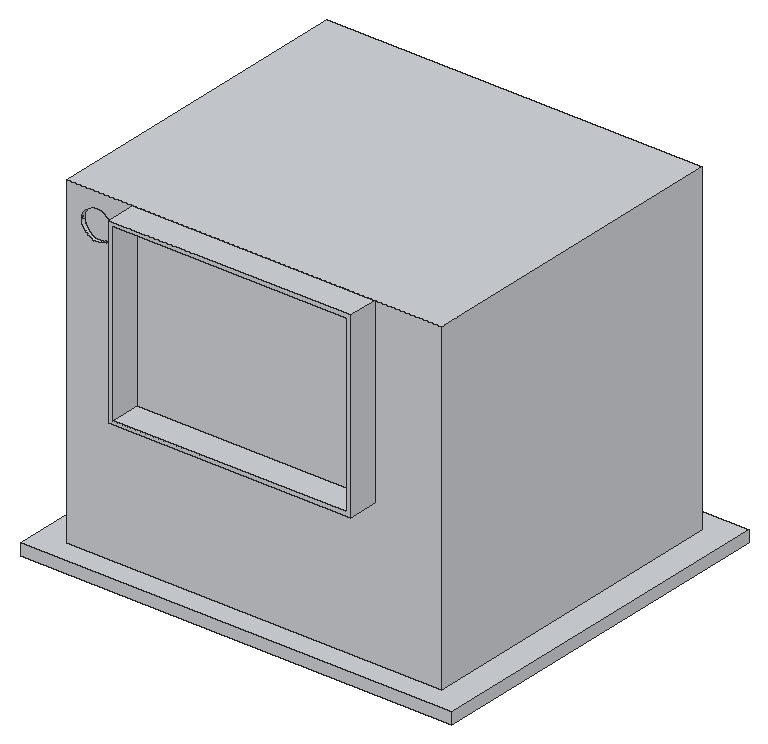
Revit family "GC-200-2000", category Mechanical Equipment, Revit 2019
Family settings
  Round Connector Dimension = Use Diameter
  Part Type = Normal
  Work Plane-Based = No
  Always vertical = Yes
  Cut with Voids When Loaded = No
  Shared = No
  Room Calculation Point = No
Parameters (values of type "GCVF-340_STEEL")
  W/2 = W / 2  # 5 3/8"
  W = 10 3/4"
  Unit Weight [instance] = ""
  Sones [instance] = ""
  Motor RPM [instance] = ""
  Motor Enclosure [instance] = ""
  ModelID [instance] = ""
  LwA [instance] = ""
  L/2 = L / 2  # 6 3/16"
  L = 12 3/8"
  K/2 = K / 2  # 6 1/8"
  H/2 = H / 2  # 5 3/8"
  H = 10 3/4"
  Fan RPM [instance] = ""
  K = 12 1/4"
  J/2 = J / 2  # 7 1/8"
  J = 14 1/4"
  B/2 = B / 2  # 3"
  B = 6"
  Accessories [instance] = ""
  A/2 = A / 2  # 4"
  A = 8"
  3" = 3"  # constant formula
  Brake Hp [instance] = ""
  4" = 4"  # constant formula
  2' = 24"
  2" = 2"  # constant formula
  1" = 1"  # constant formula
  0 = 0"  # constant formula
  Voltage [instance] = 0 V
  URL = "www.lorencook.com"
  Type Comments = "Ceiling and Wall Blower 200-2000 Series"  # constant formula
  Static Pressure [instance] = 0.00 in-wg
  Power [instance] = Voltage * Motor FLA * sqrt(if(Phase = 3, 3, 1))  # 0 VA
  Phase [instance] = 0
  Number of Poles [instance] = 1
  Motor Hp [instance] = "0"
  Motor FLA [instance] = 0 A
  Model = "GCVF"
  Manufacturer = "Loren Cook Company"
  CFM [instance] = 0 CFM
  1.5 = 1 1/2"  # constant formula
  ONE EIGTH = 1/8"  # constant formula
  (H/2)-(K/2) = (H / 2) - (K / 2)  # -3/4"
Types (31): name | W/2 | W | L/2 | L | K/2 | H/2 | H | K | J/2 | J | B/2 | B | A/2 | A | Model | (H/2)-(K/2)
  (no name) | 5 3/8" | 10 3/4" | 6 3/16" | 12 3/8" | 6 1/8" | 5 3/8" | 10 3/4" | 12 1/4" | 7 1/8" | 14 1/4" | 3" | 6" | 4" | 8" | "GCVF" | -3/4"
  GC-222/242_STEEL | 4 7/8" | 9 3/4" | 6 3/16" | 12 3/8" | 6 13/16" | 4 7/8" | 9 3/4" | 13 5/8" | 8 3/16" | 16 3/8" | 3" | 6" | 4" | 8" | "GC" | -1 15/16"
  GC-322/342_STEEL | 5 3/8" | 10 3/4" | 6 3/16" | 12 3/8" | 6 13/16" | 5 3/8" | 10 3/4" | 13 5/8" | 8 3/16" | 16 3/8" | 3" | 6" | 4" | 8" | "GC" | -1 7/16"
  GC-422_STEEL | 5 15/16" | 11 7/8" | 8 1/2" | 17" | 7 1/8" | 5 15/16" | 11 7/8" | 14 1/4" | 10 1/2" | 21" | 3" | 6" | 4" | 8" | "GC" | -1 3/16"
  GC-520_STEEL | 5 15/16" | 11 7/8" | 8 1/2" | 17" | 7 1/8" | 5 15/16" | 11 7/8" | 14 1/4" | 10 1/2" | 21" | 3" | 6" | 4" | 8" | "GC" | -1 3/16"
  GC-620/640_STEEL | 5 15/16" | 11 7/8" | 8 1/2" | 17" | 7 1/8" | 5 15/16" | 11 7/8" | 14 1/4" | 10 1/2" | 21" | 2 3/8" | 4 3/4" | 5 1/4" | 10 1/2" | "GC" | -1 3/16"
  GC-720/740_STEEL | 5 15/16" | 11 7/8" | 8 1/2" | 17" | 7 1/8" | 5 15/16" | 11 7/8" | 14 1/4" | 10 1/2" | 21" | 2 3/8" | 4 3/4" | 5 1/4" | 10 1/2" | "GC" | -1 3/16"
  GC-822/842/862_STEEL | 7 11/32" | 14 11/16" | 13 1/2" | 27" | 8 9/16" | 7 11/32" | 14 11/16" | 17 1/8" | 15 11/16" | 31 3/8" | 3" | 6" | 10" | 20" | "GC" | -1 7/32"
  GC-920/940/960_STEEL | 7 11/32" | 14 11/16" | 15 1/2" | 31" | 8 9/16" | 7 11/32" | 14 11/16" | 17 1/8" | 17 9/16" | 35 1/8" | 3" | 6" | 12 1/8" | 24 1/4" | "GC" | -1 7/32"
  GC-222/242_ALUMINUM | 4 7/8" | 9 3/4" | 6 3/16" | 12 3/8" | 5 5/8" | 4 7/8" | 9 3/4" | 11 1/4" | 7 1/8" | 14 1/4" | 3" | 6" | 4" | 8" | "GC" | -3/4"
  GC-322/342_ALUMINUM | 5 3/8" | 10 3/4" | 6 3/16" | 12 3/8" | 6 1/8" | 5 3/8" | 10 3/4" | 12 1/4" | 7 1/8" | 14 1/4" | 3" | 6" | 4" | 8" | "GC" | -3/4"
  GC-422_ALUMINUM | 5 15/16" | 11 7/8" | 8 1/2" | 17" | 6 7/8" | 5 15/16" | 11 7/8" | 13 3/4" | 9 3/8" | 18 3/4" | 3" | 6" | 4" | 8" | "GC" | -15/16"
  GC-522/524_ALUMINUM | 5 15/16" | 11 7/8" | 8 1/2" | 17" | 6 7/8" | 5 15/16" | 11 7/8" | 13 3/4" | 9 3/8" | 18 3/4" | 3" | 6" | 4" | 8" | "GC" | -15/16"
  GC-622/642_ALUMINUM | 5 15/16" | 11 7/8" | 8 1/2" | 17" | 6 7/8" | 5 15/16" | 11 7/8" | 13 3/4" | 9 3/8" | 18 3/4" | 2 3/8" | 4 3/4" | 5 1/4" | 10 1/2" | "GC" | -15/16"
  GC-720/740_ALUMINUM | 5 15/16" | 11 7/8" | 8 1/2" | 17" | 6 7/8" | 5 15/16" | 11 7/8" | 13 3/4" | 9 3/8" | 18 3/4" | 2 3/8" | 4 3/4" | 5 1/4" | 10 1/2" | "GC" | -15/16"
  GC-222/242_PLASTIC | 4 7/8" | 9 3/4" | 6 3/16" | 12 3/8" | 6 5/8" | 4 7/8" | 9 3/4" | 13 1/4" | 7 3/8" | 14 3/4" | 3" | 6" | 4" | 8" | "GC" | -1 3/4"
  GC-822/842/862_ALUMINUM | 7 11/32" | 14 11/16" | 13 1/2" | 27" | 8 1/8" | 7 11/32" | 14 11/16" | 16 1/4" | 14 3/8" | 28 3/4" | 3" | 6" | 10" | 20" | "GC" | -25/32"
  GC-920/940/960_ALUMINUM | 7 11/32" | 14 11/16" | 15 1/2" | 31" | 7 5/8" | 7 11/32" | 14 11/16" | 15 1/4" | 15 7/8" | 31 3/4" | 3" | 6" | 12 1/8" | 24 1/4" | "GC" | -9/32"
  GC-1000_ALUMINUM | 7 5/8" | 15 1/4" | 19 1/16" | 38 1/8" | 7 7/8" | 7 5/8" | 15 1/4" | 15 3/4" | 19 3/8" | 38 3/4" | 3 27/32" | 7 11/16" | 16 27/32" | 33 11/16" | "GC" | -1/4"
  GC-1000_STEEL | 7 5/8" | 15 1/4" | 19 1/16" | 38 1/8" | 8 9/16" | 7 5/8" | 15 1/4" | 17 1/8" | 21 3/16" | 42 3/8" | 3 27/32" | 7 11/16" | 16 27/32" | 33 11/16" | "GC" | -15/16"
  GC-2000_ALUMINUM | 8 5/16" | 16 5/8" | 22 23/32" | 45 7/16" | 8 5/8" | 8 5/16" | 16 5/8" | 17 1/4" | 22 7/8" | 45 3/4" | 4 13/16" | 9 5/8" | 20 9/16" | 41 1/8" | "GC" | -5/16"
  GC-2000_STEEL | 8 5/16" | 16 5/8" | 22 23/32" | 45 7/16" | 9 1/4" | 8 5/16" | 16 5/8" | 18 1/2" | 24 3/4" | 49 1/2" | 4 13/16" | 9 5/8" | 20 9/16" | 41 1/8" | "GC" | -15/16"
  GC-322/342_PLASTIC | 5 3/8" | 10 3/4" | 6 3/16" | 12 3/8" | 6 5/8" | 5 3/8" | 10 3/4" | 13 1/4" | 7 3/8" | 14 3/4" | 3" | 6" | 4" | 8" | "GC" | -1 1/4"
  GCVF-500_ALUMINUM | 5 15/16" | 11 7/8" | 8 1/2" | 17" | 6 7/8" | 5 15/16" | 11 7/8" | 13 3/4" | 9 3/8" | 18 3/4" | 3" | 6" | 4" | 8" | "GC-VF" | -15/16"
  GCVF-500_STEEL | 5 15/16" | 11 7/8" | 8 1/2" | 17" | 7 1/8" | 5 15/16" | 11 7/8" | 14 1/4" | 10 1/2" | 21" | 3" | 6" | 4" | 8" | "GC-VF" | -1 3/16"
  GCVF-700_ALUMINUM | 5 15/16" | 11 7/8" | 10 1/2" | 21" | 6 7/8" | 5 15/16" | 11 7/8" | 13 3/4" | 11 11/32" | 22 11/16" | 2 3/8" | 4 3/4" | 5 1/4" | 10 1/2" | "GC-VF" | -15/16"
  GCVF-700_STEEL | 5 15/16" | 11 7/8" | 10 1/2" | 21" | 7 1/8" | 5 15/16" | 11 7/8" | 14 1/4" | 12 1/2" | 25" | 2 3/8" | 4 3/4" | 5 1/4" | 10 1/2" | "GC-VF" | -1 3/16"
  GCVF-900_ALUMINUM | 7 11/32" | 14 11/16" | 15 1/2" | 31" | 8 1/8" | 7 11/32" | 14 11/16" | 16 1/4" | 16 3/8" | 32 3/4" | 3" | 6" | 12 1/8" | 24 1/4" | "GC-VF" | -25/32"
  GCVF-900_STEEL | 7 11/32" | 14 11/16" | 15 1/2" | 31" | 8 9/16" | 7 11/32" | 14 11/16" | 17 1/8" | 17 9/16" | 35 1/8" | 3" | 6" | 12 1/8" | 24 1/4" | "GC-VF" | -1 7/32"
  GCVF-300_ALUMINUM | 5 3/8" | 10 3/4" | 6 3/16" | 12 3/8" | 6 1/8" | 5 3/8" | 10 3/4" | 12 1/4" | 7 1/8" | 14 1/4" | 3" | 6" | 4" | 8" | "GCVF" | -3/4"
  GCVF-340_STEEL | 5 3/8" | 10 3/4" | 6 3/16" | 12 3/8" | 6 1/8" | 5 3/8" | 10 3/4" | 12 1/4" | 7 1/8" | 14 1/4" | 3" | 6" | 4" | 8" | "GCVF" | -3/4"
Reference planes (in)
  plane 1 "Center (Front/Back)": y = 0
  plane 2: z = 0
  plane 3 "Center (Left/Right)": x = 0.40541
Forms (in)
  Extrusion 1, solid
    sketch origin (0, 0, 0) x (1, 0, 0) y (0, 1, 0)
      loop
        line (-5.78209, 5.375) -> (-5.78209, -5.375) -> (6.59291, -5.375) -> (6.59291, 5.375) -> (-5.78209, 5.375)
    from 0 to 10.75 <- "H"
  Extrusion 2, solid
    sketch origin (6.59291, -5.375, 0) x (-1, 0, 0) y (0, 0, -1)
      loop
        line (10.1875, -4.75) -> (2.1875, -4.75) -> (2.1875, -10.75) -> (10.1875, -10.75) -> (10.1875, -4.75)
    from 0 to 1
  Extrusion 3, void
    sketch origin (6.59291, -6.375, 0) x (1, 0, 0) y (0, 0, -1)
      loop
        line (-10.0625, -10.625) -> (-2.3125, -10.625) -> (-2.3125, -4.875) -> (-10.0625, -4.875) -> (-10.0625, -10.625)
    from 0 to 1
  Extrusion 4, void
    sketch origin (6.59291, -5.375, 0) x (1, 0, 0) y (0, 0, -1)
      loop
        circle (-11.375, -9.75) r 0.5
    from 0 to 0.125
  Extrusion 5, solid
    sketch origin (0, 0, 0) x (1, 0, 0) y (0, 1, 0)
      loop
        line (-6.71959, 6.125) -> (-6.71959, -6.125) -> (7.53041, -6.125) -> (7.53041, 6.125) -> (-6.71959, 6.125)
    from 0 to -0.375
Cuts and joins
  Extrusion 3, Extrusion 4 cuts Extrusion 1
  Extrusion 3 cuts Extrusion 2
Dimensions and locks (in)
  "L/2": Extrusion 1 sketch curve to plane 3 "Center (Left/Right)"
  "L/2": plane 3 "Center (Left/Right)" to Extrusion 1 sketch curve
  "W/2": plane 1 "Center (Front/Back)" to Extrusion 1 sketch curve
  "W/2": Extrusion 1 sketch curve to plane 1 "Center (Front/Back)"
  "0": Extrusion 1 to Extrusion 2 sketch curve
  "B": Extrusion 2 sketch curve to Extrusion 2 sketch curve
  "A/2": Extrusion 2 sketch curve to plane 3 "Center (Left/Right)"
  "A/2": plane 3 "Center (Left/Right)" to Extrusion 2 sketch curve
  "ONE EIGTH": Extrusion 3 sketch curve to Extrusion 2  (x3)
  "ONE EIGTH": Extrusion 2 to Extrusion 3 sketch curve
  "1"": cut or joined group of Extrusion 1, Extrusion 3, Extrusion 4 to Extrusion 4 sketch curve  (x2)
  "J/2": Extrusion 5 sketch curve to plane 3 "Center (Left/Right)"
  "J/2": plane 3 "Center (Left/Right)" to Extrusion 5 sketch curve
  "K/2": plane 1 "Center (Front/Back)" to Extrusion 5 sketch curve
  "K/2": Extrusion 5 sketch curve to plane 1 "Center (Front/Back)"
Automatic sketch dimensions
  radius of Extrusion 4 sketch curve = 1/2"
Connectors (in)
  hvac at (0.40541, -6.375, 7.75), driven by "A", driven by "B"
    settings: on cut or joined group of Extrusion 2, Extrusion 3, index 2, duct flow 0 CFM, flow factor 0, pres drop 0.00 in-wg, loss coef 0, conn angle 0.00°, conn width 8", conn height 6", conn diameter 24", duct sys type 3, conn prof type 1, flow config 0, flow direction 2, loss method 0, conn ref index -1, conn util no, is conn primary yes, conn desc ""
  electrical at (-4.78209, -5.25, 9.75)
    settings: on cut or joined group of Extrusion 1, Extrusion 3, Extrusion 4, index 3, voltage 0 V, apparent load 0 VA, apparent load phase1 0 VA, apparent load phase2 0 VA, apparent load phase3 0 VA, power factor 1, load classification "Other", number of poles 1, system type 30, power factor state 1, is connector primary yes, connector utility no, sub classification motor no, connector description ""
